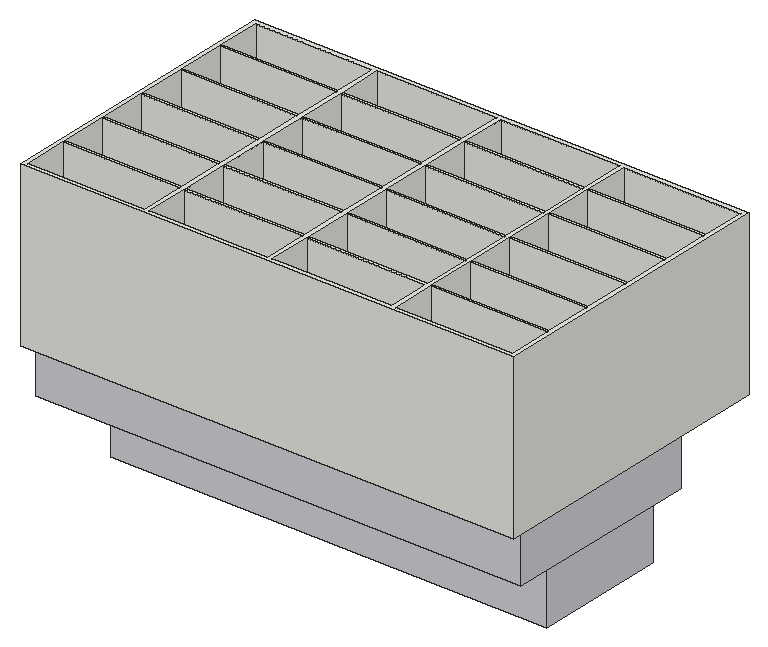
Revit family "CADS_AIRFLOWdev_AirTerminal_DoubleAirBrick_Exhaust", category Air Terminals, host Face, Revit 2015
Parameters (values of type "Stone")
  WorkExecutionLevel = "N/A"
  WeeklyMaintenance = "N/A"
  WarrantyStartDate [instance] = "N/A"
  WarrantyPeriod = "2"
  WarrantyIdentifier = "N/A"
  WarrantyGuarantorParts = "info@airflow.com"
  WarrantyGuarantorLabor = "info@airflow.com"
  WarrantyGuarantor = "Airflow Developments Ltd"
  WarrantyEndDate [instance] = "N/A"
  WarrantyContent = "Replacement of part if faulty"
  W = 140 mm
  Uniclass2015 = "Pr_65_70_46_01"
  TotalSurfaceArea [instance] = 0.035525 m²
  TagNumber [instance] = "N/A"
  Status [instance] = "New"
  Size = "80 x 245 x 145"
  ShippingWeight = 0.018 kg
  Shape = "Rectangular"
  ServiceLifeType = "EXPECTEDSERVICELIFE"
  ServiceLifeDuration = "10"
  SerialNumber [instance] = "N/A"
  ReplacementCost = "52.416"
  QuarterlyMaintenance = "N/A"
  QualityOfComponents = "N/A"
  ProductionYear = "2017"
  ProductLiterature = "N/A"
  PointOfContact = "Airflow Developments Ltd"
  Perimeter [instance] = 680 mm
  OutdoorEnviornment = "N/A"
  OperationAndMaintenanceManual = "N/A"
  NumberOfSlots = 44
  NominalWidth = 245 mm
  NominalLength = 80 mm
  NominalHeight = 145 mm
  NBSCode = "90-75-50/370 Air terminals;"
  MountingType = "FLATFLUSH"
  MonthlyMaintenance = "N/A"
  ModelReference = "90000132"
  ModelLabel = "204 x 60mm Double Airbrick duct adaptor (Cotswold Stone)"
  MeanTimeBetweenFailure = "N/A"
  Material = "Plastic"
  ManufacturerWebsite = "www.airflow.com"
  ManufacturerTelephone = "01494 525252"
  ManufacturerE-Mail = "info@airflow.com"
  ManufacturerAddress = "Aidelle House\nLancaster Road\nCressex Business Park\nHigh Wycombe\nBucks\nHP123QP"
  Manufacturer = "Airflow Developments Ltd"
  MaintenanceRequired8001to12000hrs = "N/A"
  MaintenanceRequired601to1000hrs = "N/A"
  MaintenanceRequired4001to8000hrs = "N/A"
  MaintenanceRequired301to600hrs = "N/A"
  MaintenanceRequired2001to4000hrs = "N/A"
  MaintenanceRequired1001to2000hrs = "N/A"
  MaintenanceRequired0to300hrs = "N/A"
  MaintenanceLevel = "N/A"
  L = 235 mm
  IsExtendedWarranty = no
  IndoorEnviornment = "N/A"
  InUseConditions = "N/A"
  ISO90001 = yes
  ISO140001 = yes
  HasThermalInsulation = no
  HasSoundAttenuator = no
  HasIntegralControl = no
  H = 155 mm
  GrossWeight = 0.015 kg
  Grade = "Virgin"
  GlobalTradeItemNumber = "5019009310404"
  FlowControlType = "NONE"
  Flow [instance] = 0.0 L/s
  Finish = "Matte"
  Features [instance] = "204 x 60mm Double Airbrick duct adaptor (Cotswold Stone)"
  FaceType = "LOUVERED"
  Exclusions = "Incorrect Use / Incorrect Installation / Installed by a non-accredited electrician. Customer abuse."
  DurationUnit = "Years"
  Double_AirBrick = CADS_AirFlow_Stone
  DesignLevel = "N/A"
  Description = "204 x 60mm Double Airbrick duct adaptor (Cotswold Stone)"
  Default Elevation = 1219.2 mm
  DailyMaintenance = "N/A"
  Constituents = "Costwold Stone"
  Color = "Costwold Stone"
  CodePerformance = "N/A"
  CEApproval = yes
  BespokeTimeFrameMaintenance = "N/A"
  AssetType = "Fixed"
  AssetIdentifier [instance] = "N/A"
  AssemblyPlace = "N/A"
  AnnualMaintenance = "N/A"
  AirflowRateRange = "0-61"
  AccessibilityPerformance = "N/A"
  6MonthlyMaintenance = "Visually inspect system, clean the fan and ducting if necessary"
Types (4, lengths in mm): name | ModelReference | ModelLabel | GlobalTradeItemNumber | Features | Double_AirBrick | Description | Constituents | Color
  (no name) | "90000132" | "204 x 60mm Double Airbrick duct adaptor (Cotswold Stone)" | "5019009310404" | "204 x 60mm Double Airbrick duct adaptor (Cotswold Stone)" | CADS_AirFlow_Stone | "204 x 60mm Double Airbrick duct adaptor (Cotswold Stone)" | "Costwold Stone" | "Costwold Stone"
  Terracotta | "90000077" | "204 x 60mm Double Airbrick duct adaptor (Terracotta)" | "5019009308944" | "204 x 60mm Double Airbrick duct adaptor (Terracotta)" | CADS_AirFlow_Terracotta | "204 x 60mm Double Airbrick duct adaptor (Terracotta)" | "Terracotta" | "Terracotta"
  White | "90000076" | "204 x 60mm Double Airbrick duct adaptor (White)" | "5019009308937" | "204 x 60mm Double Airbrick duct adaptor (White)" | CADS_AirFlow_White | "204 x 60mm Double Airbrick duct adaptor (White)" | "White" | "White"
  Stone | "90000132" | "204 x 60mm Double Airbrick duct adaptor (Cotswold Stone)" | "5019009310404" | "204 x 60mm Double Airbrick duct adaptor (Cotswold Stone)" | CADS_AirFlow_Stone | "204 x 60mm Double Airbrick duct adaptor (Cotswold Stone)" | "Costwold Stone" | "Costwold Stone"
Reference planes
  plane 1 "Center (Front/Back)": y = 0
  plane 2: z = 0
  plane 3 "Center (Left/Right)": x = 0
  plane 4: x = -117.5
  plane 5: x = 117.5
  plane 6 "Top": y = 70
  plane 7: y = -70
  plane 8: z = -136.5
  plane 9: z = -77.5
  plane 10: x = -58.75
  plane 11: x = 58.75
  plane 12: y = 46.667
  plane 13: y = -46.667
  plane 14: y = 47.167
  plane 15: y = 68
  plane 16: y = 46.167
  plane 17: y = 0.5
  plane 18: y = -0.5
  plane 19: y = -46.167
  plane 20: y = -47.167
  plane 21: y = -68
  plane 22: x = -115.5
  plane 23: x = -59.75
  plane 24: x = -57.75
  plane 25: x = 57.75
  plane 26: x = 59.75
  plane 27: x = 115.5
  plane 28: x = -1
  plane 29: x = 1
  plane 30: y = 23.333
  plane 31: y = 23.833
  plane 32: y = 22.833
  plane 33: y = -23.333
  plane 34: y = -22.833
  plane 35: y = -23.833
  plane 36: y = 32
  plane 37: y = 30
  plane 38: z = -101.5
  plane 39: y = -63
  plane 40: y = -33
  plane 41: z = -117.5
  plane 42: y = 28.5
  plane 43: y = -31.5
  plane 44: x = -102
  plane 45: x = 102
  plane 46: y = -1.5
  plane 47: x = -104
  plane 48: x = 104
Forms (mm)
  Extrusion 1, solid, material "CADS_AirFlow_Stone" <- "Double_AirBrick"
    sketch origin (0, 0, 0) x (1, 0, 0) y (0, 1, 0)
      loop
        line (-117.5, 70) -> (-117.5, -70) -> (117.5, -70) -> (117.5, 70) -> (-117.5, 70)
    from -77.5 to 0
  Extrusion 2, void
    sketch origin (0, 0, 0) x (1, 0, 0) y (0, 1, 0)
      loop
        line (-115.5, 68) -> (-115.5, 47.167) -> (-59.75, 47.167) -> (-59.75, 68) -> (-115.5, 68)
      loop
        line (-57.75, 68) -> (-57.75, 47.167) -> (-1, 47.167) -> (-1, 68) -> (-57.75, 68)
      loop
        line (1, 68) -> (1, 47.167) -> (57.75, 47.167) -> (57.75, 68) -> (1, 68)
      loop
        line (59.75, 68) -> (59.75, 47.167) -> (115.5, 47.167) -> (115.5, 68) -> (59.75, 68)
      loop
        line (-115.5, 22.833) -> (-115.5, 0.5) -> (-59.75, 0.5) -> (-59.75, 22.833) -> (-115.5, 22.833)
      loop
        line (-57.75, 22.833) -> (-57.75, 0.5) -> (-1, 0.5) -> (-1, 22.833) -> (-57.75, 22.833)
      loop
        line (1, 22.833) -> (1, 0.5) -> (57.75, 0.5) -> (57.75, 22.833) -> (1, 22.833)
      loop
        line (59.75, 22.833) -> (59.75, 0.5) -> (115.5, 0.5) -> (115.5, 22.833) -> (59.75, 22.833)
      loop
        line (-115.5, -23.833) -> (-115.5, -46.167) -> (-59.75, -46.167) -> (-59.75, -23.833) -> (-115.5, -23.833)
      loop
        line (-57.75, -23.833) -> (-57.75, -46.167) -> (-1, -46.167) -> (-1, -23.833) -> (-57.75, -23.833)
      loop
        line (1, -23.833) -> (1, -46.167) -> (57.75, -46.167) -> (57.75, -23.833) -> (1, -23.833)
      loop
        line (59.75, -23.833) -> (59.75, -46.167) -> (115.5, -46.167) -> (115.5, -23.833) -> (59.75, -23.833)
      loop
        line (-115.5, -47.167) -> (-115.5, -68) -> (-59.75, -68) -> (-59.75, -47.167) -> (-115.5, -47.167)
      loop
        line (-57.75, -47.167) -> (-57.75, -68) -> (-1, -68) -> (-1, -47.167) -> (-57.75, -47.167)
      loop
        line (1, -47.167) -> (1, -68) -> (57.75, -68) -> (57.75, -47.167) -> (1, -47.167)
      loop
        line (59.75, -47.167) -> (59.75, -68) -> (115.5, -68) -> (115.5, -47.167) -> (59.75, -47.167)
      loop
        line (-115.5, 46.167) -> (-115.5, 23.833) -> (-59.75, 23.833) -> (-59.75, 46.167) -> (-115.5, 46.167)
      loop
        line (-57.75, 46.167) -> (-57.75, 23.833) -> (-1, 23.833) -> (-1, 46.167) -> (-57.75, 46.167)
      loop
        line (1, 46.167) -> (1, 23.833) -> (57.75, 23.833) -> (57.75, 46.167) -> (1, 46.167)
      loop
        line (59.75, 46.167) -> (59.75, 23.833) -> (115.5, 23.833) -> (115.5, 46.167) -> (59.75, 46.167)
      loop
        line (-115.5, -0.5) -> (-115.5, -22.833) -> (-59.75, -22.833) -> (-59.75, -0.5) -> (-115.5, -0.5)
      loop
        line (-57.75, -0.5) -> (-57.75, -22.833) -> (-1, -22.833) -> (-1, -0.5) -> (-57.75, -0.5)
      loop
        line (1, -0.5) -> (1, -22.833) -> (57.75, -22.833) -> (57.75, -0.5) -> (1, -0.5)
      loop
        line (59.75, -0.5) -> (59.75, -22.833) -> (115.5, -22.833) -> (115.5, -0.5) -> (59.75, -0.5)
    from -77.5 to 0
  Extrusion 3, void
    sketch origin (0, 0, 0) x (1, 0, 0) y (0, 1, 0)
      loop
        line (-117.5, 70) -> (-117.5, -70) -> (117.5, -70) -> (117.5, 70) -> (-117.5, 70)
    from -136.5 to 0
  Extrusion 4, solid
    sketch origin (0, 0, 0) x (0, 1, 0) y (0, 0, 1)
      loop
        line (32, -77.5) -> (-63, -77.5) -> (-63, -101.5) -> (32, -101.5) -> (32, -77.5)
    from -115.5 to 115.5
  Extrusion 5, solid
    sketch origin (0, 0, 0) x (0, 1, 0) y (0, 0, 1)
      loop
        line (30, -101.5) -> (-33, -101.5) -> (-33, -136.5) -> (30, -136.5) -> (30, -101.5)
    from -104 to 104
  Extrusion 6, void
    sketch origin (0, 0, 0) x (0, 1, 0) y (0, 0, 1)
      loop
        line (28.5, -117.5) -> (-31.5, -117.5) -> (-31.5, -136.5) -> (28.5, -136.5) -> (28.5, -117.5)
    from -102 to 102
Cuts and joins
  Extrusion 2 cuts Extrusion 1
  Extrusion 6 cuts Extrusion 5
Dimensions and locks
  equal spacing: plane 4, plane 3 "Center (Left/Right)", plane 5
  equal spacing: plane 6 "Top", plane 1 "Center (Front/Back)", plane 7
  "W": plane 6 "Top" to plane 7
  "L": plane 4 to plane 5
  equal spacing: plane 4, plane 10, plane 3 "Center (Left/Right)"
  equal spacing: plane 3 "Center (Left/Right)", plane 11, plane 5
  locked: plane 6 "Top" to plane 15 at 2
  locked: plane 14 to plane 12 at 0.5
  locked: plane 12 to plane 16 at 0.5
  locked: plane 17 to plane 1 "Center (Front/Back)" at 0.5
  locked: plane 18 to plane 1 "Center (Front/Back)" at 0.5
  locked: plane 19 to plane 13 at 0.5
  locked: plane 13 to plane 20 at 0.5
  locked: plane 21 to plane 7 at 2
  locked: plane 4 to plane 22 at 2
  plane 23 to plane 10 to plane 24 = 1 mm locked, 1 mm locked
  plane 25 to plane 11 to plane 26 = 1 mm locked, 1 mm locked
  locked: plane 27 to plane 5 at 2
  plane 28 to plane 3 "Center (Left/Right)" to plane 29 = 1 mm locked, 1 mm locked
  locked: plane 31 to plane 30 at 0.5
  locked: plane 30 to plane 32 at 0.5
  locked: plane 34 to plane 33 at 0.5
  locked: plane 33 to plane 35 at 0.5
  equal spacing: plane 1 "Center (Front/Back)", plane 33, plane 13, plane 7
  equal spacing: plane 1 "Center (Front/Back)", plane 30, plane 12, plane 6 "Top"
  locked: plane 6 "Top" to plane 36 at 38
  locked: plane 36 to plane 37 at 2
  locked: level to plane 9 at 77.5
  plane 9 to plane 38 = 24 mm
  plane 38 to plane 8 = 35 mm
  locked: plane 36 to plane 39 at 95
  locked: plane 37 to plane 40 at 63
  plane 45 to plane 44 = 204 mm
  equal spacing: plane 45, plane 3 "Center (Left/Right)", plane 44
  locked: plane 41 to plane 8 at 19
  equal spacing: plane 37, plane 46, plane 40
  plane 42 to plane 46 to plane 43 = 30 mm locked, 30 mm locked
  plane 44 to plane 47 = 2 mm
  plane 48 to plane 45 = 2 mm
  aligned and locked: plane 2 to host face
  aligned and locked: level to host face
  aligned and locked: plane 4 to Extrusion 1 sketch curve
  aligned and locked: plane 7 to Extrusion 1 sketch curve
  aligned and locked: level to Extrusion 1
  aligned and locked: plane 22 to Extrusion 2 sketch curve  (x6)
  aligned and locked: plane 14 to Extrusion 2 sketch curve  (x4)
  aligned and locked: Extrusion 2 sketch curve to plane 23  (x5)
  aligned and locked: Extrusion 2 sketch curve to plane 15  (x3)
  aligned and locked: plane 24 to Extrusion 2 sketch curve  (x6)
  aligned and locked: Extrusion 2 sketch curve to plane 28  (x5)
  aligned and locked: Extrusion 2 sketch curve to plane 25  (x4)
  aligned and locked: Extrusion 2 sketch curve to plane 27  (x6)
  aligned and locked: plane 17 to Extrusion 2 sketch curve  (x3)
  aligned and locked: Extrusion 2 sketch curve to plane 29  (x4)
  aligned and locked: plane 19 to Extrusion 2 sketch curve  (x3)
  aligned and locked: plane 26 to Extrusion 2 sketch curve  (x4)
  aligned and locked: plane 21 to Extrusion 2 sketch curve  (x3)
  aligned and locked: Extrusion 2 sketch curve to plane 20  (x2)
  aligned and locked: level to Extrusion 2
  aligned and locked: Extrusion 3 sketch curve to plane 6 "Top"
  aligned and locked: plane 4 to Extrusion 3 sketch curve
  aligned and locked: plane 7 to Extrusion 3 sketch curve
  aligned and locked: Extrusion 3 sketch curve to plane 5
  aligned and locked: level to Extrusion 3
  aligned and locked: Extrusion 2 sketch curve to plane 32
  aligned and locked: Extrusion 2 sketch curve to Extrusion 2 sketch curve  (x5)
  aligned and locked: Extrusion 2 sketch curve to plane 35
  aligned and locked: Extrusion 2 sketch curve to plane 16  (x3)
  aligned and locked: plane 31 to Extrusion 2 sketch curve
  aligned and locked: Extrusion 2 sketch curve to plane 18
  aligned and locked: plane 9 to Extrusion 4 sketch curve
  aligned and locked: plane 39 to Extrusion 4 sketch curve
  aligned and locked: plane 38 to Extrusion 5 sketch curve
  aligned and locked: Extrusion 5 sketch curve to plane 8
  aligned and locked: plane 43 to Extrusion 6 sketch curve
  aligned and locked: Extrusion 4 to plane 22
  aligned and locked: plane 27 to Extrusion 4
  aligned and locked: Extrusion 6 to plane 44
  aligned and locked: plane 45 to Extrusion 6
  aligned and locked: plane 41 to Extrusion 6 sketch curve
  aligned and locked: Extrusion 5 to plane 47
  aligned and locked: plane 48 to Extrusion 5
Automatic sketch dimensions
  host sketch curve to host sketch curve = 2438.4 mm  (x2)
  Extrusion 1 sketch curve to plane 5 = 0 mm
  Extrusion 1 sketch curve to plane 6 "Top" = 0 mm
  Extrusion 2 sketch curve to plane 23 = 0 mm
  Extrusion 2 sketch curve to plane 28 = 0 mm
  Extrusion 2 sketch curve to plane 29 = 0 mm  (x2)
  Extrusion 2 sketch curve to plane 25 = 0 mm  (x2)
  Extrusion 2 sketch curve to plane 26 = 0 mm  (x2)
  Extrusion 2 sketch curve to plane 18 = 0 mm  (x3)
  Extrusion 2 sketch curve to plane 21 = 0 mm
  Extrusion 2 sketch curve to plane 20 = 0 mm  (x2)
  Extrusion 2 sketch curve to plane 19 = 0 mm
  Extrusion 2 sketch curve to plane 34 = 0 mm  (x4)
  Extrusion 2 sketch curve to plane 17 = 0 mm
  Extrusion 2 sketch curve to plane 32 = 0 mm
  Extrusion 2 sketch curve to plane 31 = 0 mm  (x3)
  Extrusion 2 sketch curve to plane 16 = 0 mm
  Extrusion 2 sketch curve to plane 15 = 0 mm
  Extrusion 4 sketch curve to plane 36 = 0 mm
  Extrusion 4 sketch curve to plane 38 = 0 mm
  Extrusion 5 sketch curve to plane 40 = 0 mm
  Extrusion 5 sketch curve to plane 37 = 0 mm
  Extrusion 6 sketch curve to plane 8 = 0 mm
  Extrusion 6 sketch curve to plane 42 = 0 mm
Connectors
  hvac at (0, -1.5, -117.5), driven by "Flow"
    settings: on cut or joined group of Extrusion 5, Extrusion 6, index 1, duct flow 0.0 L/s, flow factor 0, pres drop 0.0 Pa, loss coef 0, conn angle 0.00°, conn width 60 mm, conn height 204 mm, conn diameter 609.6 mm, duct sys type 3, conn prof type 1, flow config 0, flow direction 1, loss method 0, conn ref index -1, conn util no, is conn primary yes, conn desc ""
